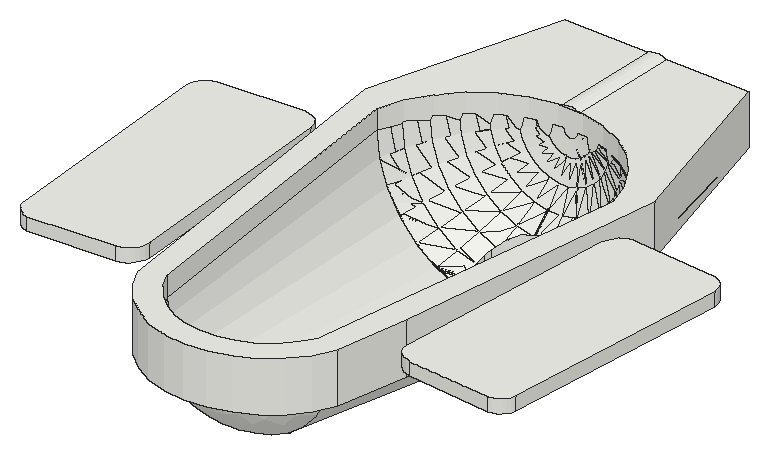
Revit family
Parameters (values of type "620 x 550 mm")
  Material of WC = W.C.Material
Reference planes
  plane 1 "Center (Front/Back)": y = 0
  plane 2: z = 0
  plane 3 "Center (Left/Right)": x = 0
  plane 4: x = -274.779
  plane 5: x = 274.779
  plane 6: y = 314.771
  plane 7: y = -305.548
Forms (mm)
  Extrusion 1, solid, material "W.C.Material" <- "Material of WC"
    sketch origin (0, 0, 0) x (1, 0, 0) y (0, 1, 0)
      loop
        line (-116.489, -160.234) -> (-107.131, -234.648)
        arc (-107.131, -234.648) -> (-1.566, -305.548) -> (103.998, -234.648) r 114.039
        line (103.998, -234.648) -> (116.489, -160.234) -> (152.046, 122.519) -> (96.918, 314.771) -> (-96.918, 314.771) -> (-152.046, 122.519) -> (-116.489, -160.234)
      loop
        arc (-83.989, -225.191) -> (-4.28, -280.507) -> (78.651, -230.15) r 89.039
        line (78.651, -230.15) -> (125.163, 102.23)
        arc (125.163, 102.23) -> (0, 201.712) -> (-125.163, 102.23) r 128.478
        line (-125.163, 102.23) -> (-83.989, -225.191)
    from -33 to 20
  Extrusion 2, solid, material "W.C.Material" <- "Material of WC"
    sketch origin (0, 0, 0) x (1, 0, 0) y (0, 0, 1)
      loop
        arc (10.237, 20) -> (0, 22.516) -> (-10.237, 20) r 22.084
        line (-10.237, 20) -> (10.237, 20)
    from -314.771 to -200.903
  Revolve 3, solid, material "W.C.Material" <- "Material of WC"
    sketch origin (0, 0, 0) x (1, 0, 0) y (0, 1, 0)
      loop
        line (-83.989, -225.191) -> (-125.163, 102.23)
        arc (-125.163, 102.23) -> (-79.941, 173.812) -> (0, 201.712) r 128.478
        line (0, 201.712) -> (0, 211.712)
        arc (0, 211.712) -> (-86.872, 181.074) -> (-135.303, 102.716) r 138.478
        line (-135.303, 102.716) -> (-93.75, -227.715)
        arc (-93.75, -227.715) -> (-56.698, -273.785) -> (0, -290.536) r 99.039
        line (0, -290.536) -> (0, -280.535)
        arc (0, -280.535) -> (-50.558, -265.859) -> (-83.989, -225.191) r 89.039
      axis (0, -290.536) -> (0, 211.712)
    angle from 0 to 180
  Revolve 4, solid, material "W.C.Material" <- "Material of WC"
    sketch origin (0, 0, 0) x (1, 0, 0) y (0, 1, 0)
      loop
        arc (-125.049, 102.716) -> (-79.746, 173.967) -> (0, 201.712) r 128.478
        line (0, 201.712) -> (0, 314.771) -> (-96.918, 314.771) -> (-135.303, 102.716) -> (-125.049, 102.716)
      axis (0, 314.771) -> (0, 102.716)
    angle from 0 to 179.301
  Extrusion 5, void
    sketch origin (0, -40, 0) x (0, 1, 0) y (1, 0, 0)
      loop
        circle (168.603, 0) r 40.014
    from 85.019 to 140.764
  Sweep 6, solid, material "W.C.Material" <- "Material of WC"
    path origin (0, 0, 0) x (1, 0, 0) y (0, 1, 0)
      loop
        circle (0, 128.603) r 40.014
    profile origin (0, 0, 0) x (0, 1, 0) y (0, 0, 1)
      loop
        line (168.617, -123.333) -> (168.617, -159.332) -> (170.441, -159.332) -> (170.441, -122.705) -> (168.617, -123.333)
  Extrusion 7, solid, material "W.C.Material" <- "Material of WC"
    sketch origin (0, 0, 0) x (1, 0, 0) y (0, 1, 0)
      loop
        arc (-260.09, -195.349) -> (-253.823, -205.693) -> (-242.821, -210.718) r 20.544
        line (-242.821, -210.718) -> (-155.138, -204.125)
        arc (-155.138, -204.125) -> (-141.702, -197.153) -> (-136.173, -183.062) r 21.536
        line (-136.173, -183.062) -> (-153.793, 51.276)
        arc (-153.793, 51.276) -> (-160.638, 65.029) -> (-175.209, 69.893) r 20.036
        line (-175.209, 69.893) -> (-262.539, 63.173)
        arc (-262.539, 63.173) -> (-273.559, 56.204) -> (-278.085, 43.975) r 20.345
        line (-278.085, 43.975) -> (-260.09, -195.349)
      loop
        line (260.09, -195.349) -> (278.085, 43.975)
        arc (278.085, 43.975) -> (273.559, 56.204) -> (262.539, 63.173) r 20.345
        line (262.539, 63.173) -> (175.209, 69.893)
        arc (175.209, 69.893) -> (160.638, 65.029) -> (153.793, 51.276) r 20.036
        line (153.793, 51.276) -> (136.173, -183.062)
        arc (136.173, -183.062) -> (141.702, -197.153) -> (155.138, -204.125) r 21.536
        line (155.138, -204.125) -> (242.821, -210.718)
        arc (242.821, -210.718) -> (253.823, -205.693) -> (260.09, -195.349) r 20.544
    from 0 to 14
Cuts and joins
  Extrusion 5 cuts Extrusion 1
  Extrusion 5 cuts Extrusion 2
  Extrusion 5 cuts Revolve 3
  Extrusion 5 cuts Revolve 4
Dimensions and locks
  plane 4 to plane 5 = 549.557 mm
  plane 7 to plane 6 = 620.32 mm
  aligned and locked: Sweep 6 sketch curve to cut or joined group of Revolve 4, Extrusion 5
  aligned and locked: Sweep 6 sketch curve to cut or joined group of Revolve 3, Extrusion 5
